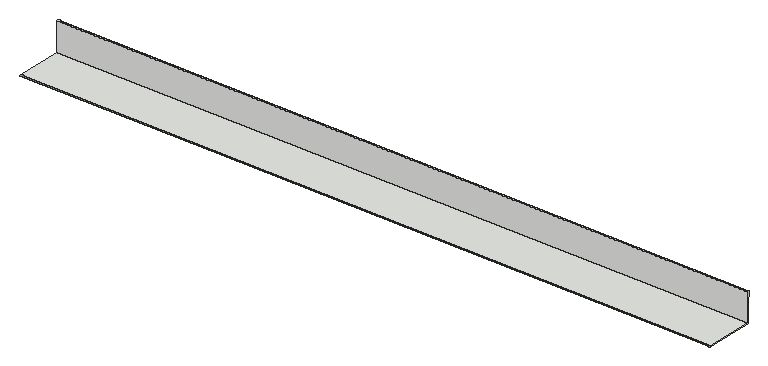
Revit family "PR620", category Mechanical Equipment, Revit 2018
Family settings
  Round Connector Dimension = Use Diameter
  Part Type = Normal
  OmniClass Number = 23.75.00.00
  OmniClass Title = Climate Control (HVAC)
  Work Plane-Based = No
  Always vertical = Yes
  Cut with Voids When Loaded = No
  Shared = No
  Room Calculation Point = No
Parameters (values of type "ISOLAMIN PR620 flashing")
  URL = "http://www.isolamin.se/"
  Thickness = "0.7 mm (Different thicknesses are available on request) \r\n0.7 mm (Different thicknesses are available on request) \r\n0.7 mm (Different thicknesses are available on request)"
  Profile Length = 1180 mm
  Model = "PR620"
  Material = "Galvanized Steel"
  Manufacturer = "ISOLAMIN AB"
  Edition = "1.0 (2018)"
Reference planes
  plane 1 "Center (Front/Back)": y = 0
  plane 2: z = 0
  plane 3 "Center (Left/Right)": x = 0
  plane 4: y = -1284.913
  plane 5: x = 1180
Forms (mm)
  Extrusion 1, solid, material "ISOLAMIN Surface Profile Material"
    sketch origin (0, 0, 0) x (0, 1, 0) y (0, 0, 1)
      loop
        line (-2, 50.256) -> (-2, 2) -> (-80.256, 2)
        arc (-80.256, 2) -> (-81, 1) -> (-80.256, 0) r 1.044
        line (-80.256, 0) -> (-71.7, 0) -> (-71.7, 1) -> (-1.7, 1)
        arc (-1.7, 1) -> (-1.205, 1.205) -> (-1, 1.7) r 0.7
        line (-1, 1.7) -> (-1, 41.7) -> (0, 41.7) -> (0, 50.256)
        arc (0, 50.256) -> (-1, 51) -> (-2, 50.256) r 1.044
    from 0 to 1180
Dimensions and locks
  "Profile Length": plane 3 "Center (Left/Right)" to plane 5
  aligned and locked: level to plane 2
  aligned and locked: plane 5 to Extrusion 1
Automatic sketch dimensions
  Extrusion 1 sketch curve to level = 0 mm
  Extrusion 1 sketch curve to plane 1 "Center (Front/Back)" = 0 mm
  plane 1 "Center (Front/Back)" to Extrusion 1 sketch curve = 1 mm  (x2)
  Extrusion 1 sketch curve to Extrusion 1 sketch curve = 0.7 mm
  Extrusion 1 sketch curve to Extrusion 1 sketch curve = 0.3 mm  (x4)
  Extrusion 1 sketch curve to Extrusion 1 sketch curve = 69.7 mm
  level to Extrusion 1 sketch curve = 1 mm  (x2)
  Extrusion 1 sketch curve to Extrusion 1 sketch curve = 8.256 mm  (x2)
  Extrusion 1 sketch curve to Extrusion 1 sketch curve = 39.7 mm
